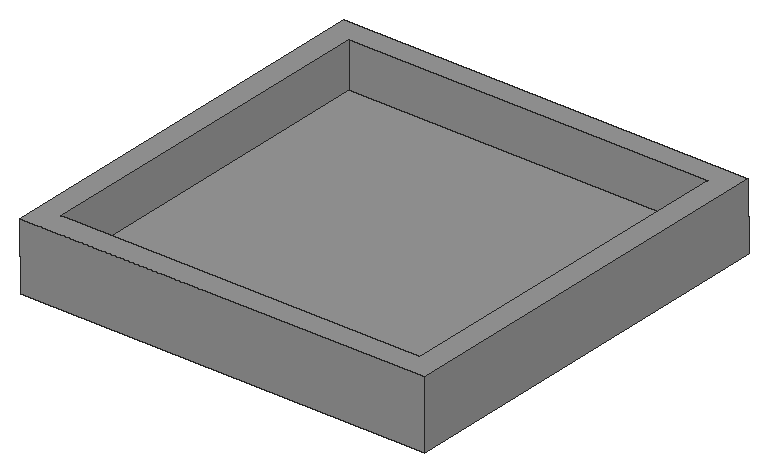
Revit family "Mop_Sink-Willoughby-CWMS-36366", category Plumbing Fixtures, Revit 2015
Parameters (values of type "36366")
  Width = 3' - 0"
  Waste DIA = 1 1/2"
  Waste Connection = yes
  Wall Thickness = 0' - 2"
  Void Width/Depth = Width - 0' 4"  # 2' - 8"
  Void Height = Height - 0' 0 3/16"  # 0' - 5 13/16"
  Vent Connection = no
  URL = "https://www.willoughby-ind.com/wp-content/uploads/2018/01/CWMS.pdf"
  Revision = "A"
  Model = "CWMS-36366"
  Manufacturer = "Willoughby Industries"
  Height = 0' - 6"
  HW Connection = no
  Fixture Body = Stainless Steel AISI 304-Willoughby
  Drain Depth = Depth / 2  # 1' - 6.10678"
  Description = "Commercial Mop Sink, 36\" X 36\" X 6\""
  Depth = 3' - 0.21357"
  Default Elevation = 0' - 0"
  Contact = "800-428-4065"
  CW Connection = no
Reference planes (in)
  plane 1 "Center (Front/Back) Floor Level": y = 0
  plane 2: z = 0
  plane 3 "Center (Left/Right)": x = 0
  plane 4 "Left Side": x = -18
  plane 5 "Right Side": x = 18
  plane 6 "Front of sink": z = 24
  plane 7 "Drain": z = 12
Forms (in)
  Extrusion 1, solid, material "Stainless Steel AISI 304-Willoughby" <- "Fixture Body"
    sketch origin (0, 38.25, -14.25) x (0, -1, 0) y (1, 0, 0)
      loop
        line (-4, 18) -> (-4, -18) -> (32, -18) -> (32, 18) -> (-4, 18)
    from -34 to -28
  Extrusion 2, void
    sketch origin (0, 42, 19.75) x (-1, 0, 0) y (0, -1, 0)
      loop
        line (-16, 1.75) -> (16, 1.75) -> (16, 33.75) -> (-16, 33.75) -> (-16, 1.75)
    from -62 to -66
  Revolve 3, solid, material "Stainless Steel AISI 304-Willoughby" <- "Fixture Body", detail levels fine
    sketch origin (0, 26.89322, -14.25) x (0, 0, 1) y (0, -1, 0)
      loop
        line (-34.22858, 2) -> (-34, 2) -> (-34, 4.89322) -> (-34.22858, 4.89322)
        arc (-34.22858, 4.89322) -> (-34.58213, 4.74677) -> (-34.72858, 4.39322) r 0.5
        line (-34.72858, 4.39322) -> (-34.72858, 2.75) -> (-37.72858, 2.75) -> (-37.72858, 2) -> (-34.22858, 2)
      axis (-34, 2) -> (-37.72858, 2)
    angle from 0 to 360
Cuts and joins
  Extrusion 2 cuts Extrusion 1
Lines and regions (in)
  symbolic lines
    curve 1: line (-18, 28, 0) -> (-18, 34, 0)
    curve 2: line (-18, 34, 24) -> (-18, 34, 0)
    curve 3: line (-18, 34, 0) -> (18, 34, 0)
    curve 4: line (18, 34, 0) -> (18, 34, 24)
    curve 5: line (18, 34, 24) -> (-18, 34, 24)
    curve 12: line (0, 34, 24) -> (0, 28, 24)
    curve 13: line (0, 28, 24) -> (0, 28, 0)
    curve 14: line (0, 28, 0) -> (0, 34, 0)
    curve 15: line (0, 34, 0) -> (0, 34, 24)
    curve 16: arc (0, 28, 15) -> (0, 27.65043, 14.8552) -> (0, 27.50563, 14.50563) r 0.49437
    curve 17: line (0, 27.50563, 14.50563) -> (0, 27.50563, 9.45539)
    curve 18: arc (0, 27.50563, 9.45539) -> (0, 27.66219, 9.1277) -> (0, 28, 8.99438) r 0.49627
    curve 19: line (0, 24.5, 11.25) -> (0, 27.50563, 11.25)
    curve 20: line (0, 24.5, 11.25) -> (0, 24.5, 12.75)
    curve 21: line (0, 24.5, 12.75) -> (0, 27.50563, 12.75)
    curve 22: line (18, 34, 0) -> (18, 28, 0)
  symbolic lines, detail levels medium+fine
    curve 6: line (-16, 34, 22) -> (-16, 34, 2)
    curve 7: line (-16, 34, 2) -> (16, 34, 2)
    curve 8: line (16, 34, 2) -> (16, 34, 22)
    curve 9: line (16, 34, 22) -> (-16, 34, 22)
  symbolic lines, detail levels fine
    curve 10: circle (0, 34, 12) r 0.75 normal (0, 1, 0)
    curve 11: circle (0, 34, 12) r 3 normal (0, 1, 0)
Dimensions and locks (in)
  equal spacing: plane 4 "Left Side", plane 3 "Center (Left/Right)", plane 5 "Right Side"
  "Width": plane 4 "Left Side" to plane 5 "Right Side"
  locked: cut or joined group of Extrusion 1, Extrusion 2 to cut or joined group of Extrusion 1, Extrusion 2 at 2  (x2)
  "Width": cut or joined group of Extrusion 1, Extrusion 2 to cut or joined group of Extrusion 1, Extrusion 2
  "Void Width/Depth": cut or joined group of Extrusion 1, Extrusion 2 to cut or joined group of Extrusion 1, Extrusion 2  (x2)
  cut or joined group of Extrusion 1, Extrusion 2 to Revolve 3 sketch curve = 1' - 5.35678"  (x2)
  "Drain Depth": cut or joined group of Extrusion 1, Extrusion 2 to Revolve 3 sketch curve
  "Wall Thickness": cut or joined group of Extrusion 1, Extrusion 2 to cut or joined group of Extrusion 1, Extrusion 2
  aligned and locked: Extrusion 1 to plane 4 "Left Side"
  aligned and locked: plane 5 "Right Side" to Extrusion 1
  aligned and locked: Revolve 3 sketch curve to Revolve 3 sketch curve  (x2)
  aligned and locked: Extrusion 1 to Extrusion 2
Automatic sketch dimensions
  curve 15 to level = 0' - 0"
  curve 13 to plane 6 "Front of sink" = 0' - 0"
  curve 19 to plane 7 "Drain" = 0' - 0 3/4"
  curve 19 to curve 19 = 0' - 3.00563"
  curve 17 to curve 19 = 0' - 1.79461"
  curve 18 to curve 18 = 0' - 0.03526"
  plane 7 "Drain" to curve 21 = 0' - 0 3/4"
  curve 21 to curve 16 = 0' - 1.75563"
  Extrusion 1 sketch curve to plane 5 "Right Side" = 0' - 0"
  Extrusion 1 sketch curve to plane 4 "Left Side" = 0' - 0"
  plane 5 "Right Side" to Extrusion 2 sketch curve = 0' - 2"
  Extrusion 2 sketch curve to plane 4 "Left Side" = 0' - 2"
  curve 10 to curve 11 = 0' - 0"  (x2)
  plane 5 "Right Side" to curve 4 = 0' - 0"
  curve 10 to plane 3 "Center (Left/Right)" = 0' - 0"
  curve 3 to level = 0' - 0"
  plane 4 "Left Side" to curve 3 = 0' - 0"
  curve 10 to plane 7 "Drain" = 0' - 0"
  curve 5 to plane 6 "Front of sink" = 0' - 0"
  plane 5 "Right Side" to curve 7 = 0' - 2"
  curve 9 to plane 4 "Left Side" = 0' - 2"
  level to curve 6 = 0' - 2"
  curve 9 to plane 6 "Front of sink" = 0' - 2"
  curve 12 to curve 12 = 0' - 6"
  curve 17 to curve 18 = 0' - 0.49501"
  Extrusion 1 sketch curve to plane 1 "Center (Front/Back) Floor Level" = 0' - 6 1/4"
  curve 1 to plane 4 "Left Side" = 0' - 0"
  curve 22 to plane 5 "Right Side" = 0' - 0"
  curve 1 to curve 1 = 0' - 6"
  curve 21 to plane 1 "Center (Front/Back) Floor Level" = 2' - 0 1/2"
  curve 16 to curve 16 = 0' - 0.49437"
  Extrusion 1 sketch curve to Extrusion 1 sketch curve = 3' - 0"
  Extrusion 2 sketch curve to plane 1 "Center (Front/Back) Floor Level" = 3' - 4 1/4"
  Extrusion 2 sketch curve to Extrusion 2 sketch curve = 2' - 8"
  curve 22 to plane 1 "Center (Front/Back) Floor Level" = 2' - 10"
  curve 1 to curve 22 = 0' - 0"
  curve 22 to curve 22 = 0' - 6"
  Revolve 3 sketch curve to level = 4' - 3.97858"
  Revolve 3 sketch curve to Revolve 3 sketch curve = 0' - 3"
  Revolve 3 sketch curve to Revolve 3 sketch curve = 0' - 0 1/2"  (x2)
  Revolve 3 sketch curve to Revolve 3 sketch curve = 0' - 0.22858"
  Revolve 3 sketch curve to Revolve 3 sketch curve = 0' - 1.64322"
  Revolve 3 sketch curve to Revolve 3 sketch curve = 0' - 0.02142"
  radius of curve 10 = 0' - 0 3/4"
  radius of curve 11 = 0' - 3"
Connectors (in)
  piping at (0, 24.89322, -51.97858), diameter 1.5, driven by "Waste DIA", driven by "Waste Connection"
    settings: on Revolve 3, index 1, connector inside diameter 24", connector length 0' - 0", flow factor 0, pipe flow 0 GPM, pressure drop 0.00 psi, fitting loss kfactor 0, connector angle 0.00°, fixture units 0, engagement length 0' - 0", angle of deflection 0.00°, flow configuration 0, flow direction 2, fitting loss method 0, system type 16, joint type 0, gender type 0, connector reference index -1, connector utility 1, adjustable connector no, is connector primary yes, connector description "Sink Waste"
